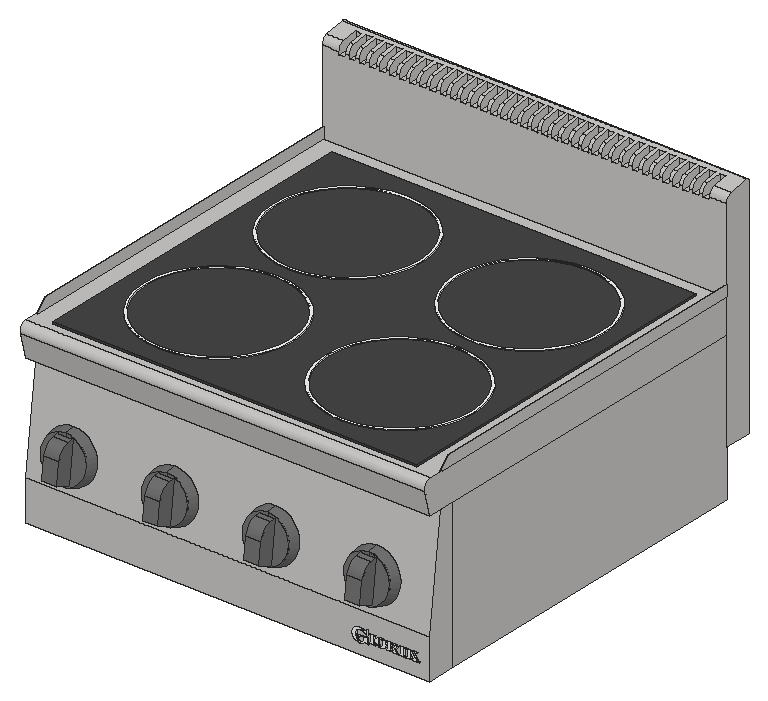
Revit family "QF_GIORIK_LPV6743", category Specialty Equipment, Revit 2014
Parameters (values of type "LPV6743")
  Weight in Pounds = 46.297
  Watts = 8000 W
  Volts = 400 V
  URL Cutsheet = "www.giorik.com"
  URL = "www.giorik.com"
  Status [instance] = ""
  Specification by User [instance] = ""
  Specification by Manufacturer = ""
  Show Logo [instance] = yes
  Show Clearance [instance] = yes
  Serial Number = ""
  Seismic Rating = ""
  SMACNA No = ""
  Revision Code [instance] = ""
  Phase = 3
  Number of Poles [instance] = 3
  NAFEM Spec ID Number = ""
  Model = "LPV6743"
  Min Ckt Ampacity = 0 A
  Max Overcurrent Protection = 0 A
  Masterspec = ""
  Manufacturer = "GIORIK"
  Item Number [instance] = ""
  Installed By [instance] = ""
  Identify Quantity as Lot [instance] = no
  HP = "10.728160000000"
  Furnished By [instance] = ""
  Foodservice Equipment Identifier [instance] = yes
  FL Amps = 0 A
  Electrical Remarks [instance] = ""
  Electric Connection Type [instance] = ""
  Elec Conn RI Height [instance] = 0 mm
  Elec Conn Connection Height [instance] = 45 mm
  Description = "VITROCERAMIC COOKING TOP 4 PLATES (380V)"
  Cycle = 50 Hz
  Conn Plug = ""
  CSI MasterFormat = ""
  Assembly Code = "E1090320"
  Apparent Power = 8000 VA
Reference planes
  plane 1 "Back": y = 0
  plane 2: z = 0
  plane 3 "Left": x = 0
  plane 4 "Right": x = 600
  plane 5 "Front": y = -600
  plane 6 "Top": z = 430
Forms (mm)
  Extrusion 1, solid
    sketch origin (0, 1000, -580) x (0, 1, 0) y (0, 0, 1)
      loop
        line (-1040.007, 869.975) -> (-1589.445, 869.975)
        arc (-1589.445, 869.975) -> (-1598.171, 865.672) -> (-1600.069, 856.13) r 10.999
        line (-1600.069, 856.13) -> (-1590.388, 820) -> (-1040.007, 820) -> (-1040.007, 869.975)
    from 0 to 600
  Extrusion 2, solid
    sketch origin (0, 0, -560) x (0, 1, 0) y (0, 0, 1)
      loop
        line (-570.06, 849.975) -> (-40.007, 849.975) -> (-40.007, 865.387) -> (-554.648, 865.387) -> (-570.06, 849.975)
    from 0 to 1.85
  Extrusion 3, solid
    sketch origin (0, 0, -560) x (0, 1, 0) y (0, 0, 1)
      loop
        line (-40.007, 800) -> (-550, 800) -> (-550, 580) -> (-40.007, 580) -> (-40.007, 800)
    from 0 to 600
  Extrusion 4, solid
    sketch origin (0, 0, -560) x (0, 1, 0) y (0, 0, 1)
      loop
        line (-550, 800) -> (-570.5, 800) -> (-590, 640) -> (-590, 580) -> (-550, 580) -> (-550, 800)
    from 0 to 600
  Revolve 5, solid
    sketch origin (75.155, -0.544, -560.03) x (0, 1, 0) y (0, 0, 1)
      loop
        line (-598.03, 706.389) -> (-594.27, 737.013) -> (-609.648, 734.852) -> (-613.772, 701.269) -> (-581.482, 697.305) -> (-580.629, 704.252) -> (-598.03, 706.389)
      axis (-581.482, 697.305) -> (-613.772, 701.269)
    angle from 0 to 360
  Extrusion 6, solid
    sketch origin (598.094, 0, -560) x (0, 1, 0) y (0, 0, 1)
      loop
        line (-570.06, 849.975) -> (-40.007, 849.975) -> (-40.007, 865.387) -> (-554.648, 865.387) -> (-570.06, 849.975)
    from -0.15 to 1.906
  Extrusion 7, solid
    sketch origin (0, 0, -560) x (0, 1, 0) y (0, 0, 1)
      loop
        line (-40.007, 974.217) -> (-40.007, 650.827) -> (0, 650.827) -> (0, 988.42)
        arc (0, 988.42) -> (-0.57, 989.648) -> (-1.878, 990) r 1.6
        line (-1.878, 990) -> (-31.072, 984.852)
        arc (-31.072, 984.852) -> (-37.477, 981.162) -> (-40.007, 974.217) r 10.797
    from 0 to 600
  Extrusion 8, solid
    sketch origin (-87.831, -0.544, -560.03) x (0, 1, 0) y (0, 0, 1)
      loop
        line (-635.843, 711.553) -> (-639.647, 680.575) -> (-617.415, 671.593) -> (-610.135, 730.882) -> (-617.934, 729.786)
        arc (-617.934, 729.786) -> (-629.982, 723.708) -> (-635.843, 711.553) r 20.998
    from 151.831 to 173.831
  Revolve 9, solid
    sketch origin (225.155, -0.544, -560.03) x (0, 1, 0) y (0, 0, 1)
      loop
        line (-598.03, 706.389) -> (-594.27, 737.013) -> (-609.648, 734.852) -> (-613.772, 701.269) -> (-581.482, 697.305) -> (-580.629, 704.252) -> (-598.03, 706.389)
      axis (-581.482, 697.305) -> (-613.772, 701.269)
    angle from 0 to 360
  Extrusion 10, solid
    sketch origin (62.169, -0.544, -560.03) x (0, 1, 0) y (0, 0, 1)
      loop
        line (-635.843, 711.553) -> (-639.647, 680.575) -> (-617.415, 671.593) -> (-610.135, 730.882) -> (-617.934, 729.786)
        arc (-617.934, 729.786) -> (-629.982, 723.708) -> (-635.843, 711.553) r 20.998
    from 151.831 to 173.831
  Revolve 11, solid
    sketch origin (375.155, -0.544, -560.03) x (0, 1, 0) y (0, 0, 1)
      loop
        line (-598.03, 706.389) -> (-594.27, 737.013) -> (-609.648, 734.852) -> (-613.772, 701.269) -> (-581.482, 697.305) -> (-580.629, 704.252) -> (-598.03, 706.389)
      axis (-581.482, 697.305) -> (-613.772, 701.269)
    angle from 0 to 360
  Extrusion 12, solid
    sketch origin (212.169, -0.544, -560.03) x (0, 1, 0) y (0, 0, 1)
      loop
        line (-635.843, 711.553) -> (-639.647, 680.575) -> (-617.415, 671.593) -> (-610.135, 730.882) -> (-617.934, 729.786)
        arc (-617.934, 729.786) -> (-629.982, 723.708) -> (-635.843, 711.553) r 20.998
    from 151.831 to 173.831
  Revolve 13, solid
    sketch origin (525.155, -0.544, -560.03) x (0, 1, 0) y (0, 0, 1)
      loop
        line (-598.03, 706.389) -> (-594.27, 737.013) -> (-609.648, 734.852) -> (-613.772, 701.269) -> (-581.482, 697.305) -> (-580.629, 704.252) -> (-598.03, 706.389)
      axis (-581.482, 697.305) -> (-613.772, 701.269)
    angle from 0 to 360
  Extrusion 14, solid
    sketch origin (362.169, -0.544, -560.03) x (0, 1, 0) y (0, 0, 1)
      loop
        line (-635.843, 711.553) -> (-639.647, 680.575) -> (-617.415, 671.593) -> (-610.135, 730.882) -> (-617.934, 729.786)
        arc (-617.934, 729.786) -> (-629.982, 723.708) -> (-635.843, 711.553) r 20.998
    from 151.831 to 173.831
  Extrusion 15, solid
    sketch origin (103.819, 0, -561) x (1, 0, 0) y (0, 0, 1)
      loop
        circle (-38.319, 606) r 12.5
    from 20.007 to 40.007
  Extrusion 16, solid, visible <- "Show Logo"
    sketch origin (391.604, -590.5, -6.113) x (-1, 0, 0) y (0, 0, 1)
      loop
        line (-118.824, 58.358) -> (-127.804, 58.358) -> (-125.523, 56.445) -> (-125.523, 48.027) -> (-127.804, 46.113) -> (-118.824, 46.113) -> (-121.105, 48.027) -> (-121.105, 56.445) -> (-118.824, 58.358)
      loop
        line (-163.721, 58.358) -> (-172.7, 58.358) -> (-170.42, 56.445) -> (-170.42, 48.027) -> (-172.7, 46.113) -> (-163.721, 46.113) -> (-166.001, 48.027) -> (-166.001, 56.445) -> (-163.721, 58.358)
      loop
        line (-174.332, 58.358) -> (-183.312, 58.358) -> (-181.031, 56.445) -> (-181.031, 52.435) -> (-186.419, 56.955) -> (-184.416, 58.358) -> (-191.268, 58.358) -> (-188.01, 56.839) -> (-185.455, 54.283) -> (-190.846, 47.858) -> (-193.396, 46.93) -> (-193.396, 46.113) -> (-184.416, 46.113) -> (-185.437, 47.571) -> (-182.443, 51.552) -> (-181.031, 50.894) -> (-181.031, 48.027) -> (-183.312, 46.113) -> (-174.332, 46.113) -> (-176.613, 48.027) -> (-176.613, 56.445) -> (-174.332, 58.358)
      loop
        line (-115.429, 62.063) -> (-115.429, 54.198)
        arc (-115.429, 54.198) -> (-111.618, 57.803) -> (-106.847, 59.986) r 16.039
        arc (-106.847, 59.986) -> (-103.314, 59.837) -> (-100.512, 57.68) r 5.851
        arc (-100.512, 57.68) -> (-98.815, 52.267) -> (-100.512, 46.853) r 9.479
        arc (-100.512, 46.853) -> (-102.406, 44.986) -> (-104.846, 43.93) r 7.236
        arc (-104.846, 43.93) -> (-107.728, 44.111) -> (-110.052, 45.825) r 5.11
        line (-110.052, 45.825) -> (-110.052, 52.001) -> (-116.141, 52.001) -> (-116.141, 45.503) -> (-117.893, 43.751) -> (-114.094, 44.769)
        arc (-114.094, 44.769) -> (-112.56, 44.947) -> (-111.129, 44.366) r 3.115
        arc (-111.129, 44.366) -> (-104.216, 42.091) -> (-97.303, 44.366) r 11.641
        arc (-97.303, 44.366) -> (-93.396, 52.107) -> (-97.303, 59.849) r 9.622
        arc (-97.303, 59.849) -> (-104.369, 62.174) -> (-111.435, 59.849) r 11.898
        line (-111.435, 59.849) -> (-115.429, 62.063)
      loop
        arc (-129.234, 56.068) -> (-135.893, 58.628) -> (-142.552, 56.068) r 9.941
        arc (-142.552, 56.068) -> (-144.234, 52.286) -> (-142.552, 48.505) r 5.093
        arc (-142.552, 48.505) -> (-135.893, 45.945) -> (-129.234, 48.505) r 9.941
        arc (-129.234, 48.505) -> (-127.552, 52.286) -> (-129.234, 56.068) r 5.093
      loop
        arc (-132.628, 54.403) -> (-135.893, 57.668) -> (-139.158, 54.403) r 3.265
        line (-139.158, 54.403) -> (-139.158, 50.169)
        arc (-139.158, 50.169) -> (-135.893, 46.904) -> (-132.628, 50.169) r 3.265
        line (-132.628, 50.169) -> (-132.628, 54.403)
      loop
        arc (-156.363, 58.365) -> (-159.647, 55.081) -> (-156.363, 51.796) r 3.285
        line (-156.363, 51.796) -> (-159.529, 47.306) -> (-162.087, 46.113) -> (-155.847, 46.113) -> (-153.529, 51.083) -> (-150.637, 51.083) -> (-150.637, 47.784) -> (-153.022, 46.113) -> (-144.011, 46.113) -> (-146.094, 47.68) -> (-146.094, 56.493) -> (-144.229, 58.365) -> (-156.363, 58.365)
      loop
        line (-150.637, 57.512) -> (-153.637, 57.512)
        arc (-153.637, 57.512) -> (-156.237, 54.912) -> (-153.637, 52.312) r 2.6
        line (-153.637, 52.312) -> (-150.637, 52.312) -> (-150.637, 57.512)
      loop
        line (-108.924, 52.001) -> (-104.936, 49.005) -> (-100.948, 52.001) -> (-108.924, 52.001)
    from 1.5 to -0.5
  Extrusion 17, void
    sketch origin (10, 0, 430) x (0, 1, 0) y (-1, 0, 0)
      loop
        line (-40.007, -25) -> (-9.931, -25) -> (-9.931, -15) -> (-40.007, -15) -> (-40.007, -25)
      loop
        line (-40.007, -40) -> (-9.931, -40) -> (-9.931, -30) -> (-40.007, -30) -> (-40.007, -40)
      loop
        line (-40.007, -55) -> (-9.931, -55) -> (-9.931, -45) -> (-40.007, -45) -> (-40.007, -55)
      loop
        line (-40.007, -70) -> (-9.931, -70) -> (-9.931, -60) -> (-40.007, -60) -> (-40.007, -70)
      loop
        line (-40.007, -85) -> (-9.931, -85) -> (-9.931, -75) -> (-40.007, -75) -> (-40.007, -85)
      loop
        line (-40.007, -100) -> (-9.931, -100) -> (-9.931, -90) -> (-40.007, -90) -> (-40.007, -100)
      loop
        line (-40.007, -115) -> (-9.931, -115) -> (-9.931, -105) -> (-40.007, -105) -> (-40.007, -115)
      loop
        line (-40.007, -130) -> (-9.931, -130) -> (-9.931, -120) -> (-40.007, -120) -> (-40.007, -130)
      loop
        line (-40.007, -145) -> (-9.931, -145) -> (-9.931, -135) -> (-40.007, -135) -> (-40.007, -145)
      loop
        line (-40.007, -160) -> (-9.931, -160) -> (-9.931, -150) -> (-40.007, -150) -> (-40.007, -160)
      loop
        line (-40.007, -175) -> (-9.931, -175) -> (-9.931, -165) -> (-40.007, -165) -> (-40.007, -175)
      loop
        line (-40.007, -190) -> (-9.931, -190) -> (-9.931, -180) -> (-40.007, -180) -> (-40.007, -190)
      loop
        line (-40.007, -205) -> (-9.931, -205) -> (-9.931, -195) -> (-40.007, -195) -> (-40.007, -205)
      loop
        line (-40.007, -220) -> (-9.931, -220) -> (-9.931, -210) -> (-40.007, -210) -> (-40.007, -220)
      loop
        line (-40.007, -235) -> (-9.931, -235) -> (-9.931, -225) -> (-40.007, -225) -> (-40.007, -235)
      loop
        line (-40.007, -250) -> (-9.931, -250) -> (-9.931, -240) -> (-40.007, -240) -> (-40.007, -250)
      loop
        line (-40.007, -265) -> (-9.931, -265) -> (-9.931, -255) -> (-40.007, -255) -> (-40.007, -265)
      loop
        line (-40.007, -280) -> (-9.931, -280) -> (-9.931, -270) -> (-40.007, -270) -> (-40.007, -280)
      loop
        line (-40.007, -295) -> (-9.931, -295) -> (-9.931, -285) -> (-40.007, -285) -> (-40.007, -295)
      loop
        line (-40.007, -310) -> (-9.931, -310) -> (-9.931, -300) -> (-40.007, -300) -> (-40.007, -310)
      loop
        line (-40.007, -325) -> (-9.931, -325) -> (-9.931, -315) -> (-40.007, -315) -> (-40.007, -325)
      loop
        line (-40.007, -340) -> (-9.931, -340) -> (-9.931, -330) -> (-40.007, -330) -> (-40.007, -340)
      loop
        line (-40.007, -355) -> (-9.931, -355) -> (-9.931, -345) -> (-40.007, -345) -> (-40.007, -355)
      loop
        line (-40.007, -370) -> (-9.931, -370) -> (-9.931, -360) -> (-40.007, -360) -> (-40.007, -370)
      loop
        line (-40.007, -385) -> (-9.931, -385) -> (-9.931, -375) -> (-40.007, -375) -> (-40.007, -385)
      loop
        line (-40.007, -400) -> (-9.931, -400) -> (-9.931, -390) -> (-40.007, -390) -> (-40.007, -400)
      loop
        line (-40.007, -415) -> (-9.931, -415) -> (-9.931, -405) -> (-40.007, -405) -> (-40.007, -415)
      loop
        line (-40.007, -430) -> (-9.931, -430) -> (-9.931, -420) -> (-40.007, -420) -> (-40.007, -430)
      loop
        line (-40.007, -445) -> (-9.931, -445) -> (-9.931, -435) -> (-40.007, -435) -> (-40.007, -445)
      loop
        line (-40.007, -460) -> (-9.931, -460) -> (-9.931, -450) -> (-40.007, -450) -> (-40.007, -460)
      loop
        line (-40.007, -475) -> (-9.931, -475) -> (-9.931, -465) -> (-40.007, -465) -> (-40.007, -475)
      loop
        line (-40.007, -490) -> (-9.931, -490) -> (-9.931, -480) -> (-40.007, -480) -> (-40.007, -490)
      loop
        line (-40.007, -505) -> (-9.931, -505) -> (-9.931, -495) -> (-40.007, -495) -> (-40.007, -505)
      loop
        line (-40.007, -520) -> (-9.931, -520) -> (-9.931, -510) -> (-40.007, -510) -> (-40.007, -520)
      loop
        line (-40.007, -535) -> (-9.931, -535) -> (-9.931, -525) -> (-40.007, -525) -> (-40.007, -535)
      loop
        line (-40.007, -550) -> (-9.931, -550) -> (-9.931, -540) -> (-40.007, -540) -> (-40.007, -550)
      loop
        line (-40.007, -565) -> (-9.931, -565) -> (-9.931, -555) -> (-40.007, -555) -> (-40.007, -565)
    from 0 to -20
  Extrusion 18, solid
    sketch origin (566.603, 15.293, -30) x (0, 1, 0) y (-1, 0, 0)
      loop
        circle (-79.293, 516.603) r 5
    from 41.965 to 50
  Revolve 19, solid
    sketch origin (50, 19.943, -600) x (0, 1, 0) y (0, 0, 1)
      loop
        line (-83.943, 611.965) -> (-94.752, 611.965) -> (-97.943, 600) -> (-83.943, 600) -> (-83.943, 611.965)
      axis (-83.943, 611.965) -> (-83.943, 600)
    angle from 0 to 360
  Extrusion 20, solid
    sketch origin (33.397, 15.293, -30) x (0, 1, 0) y (-1, 0, 0)
      loop
        circle (-79.293, -516.603) r 5
    from 41.965 to 50
  Revolve 21, solid
    sketch origin (550, 19.943, -600) x (0, 1, 0) y (0, 0, -1)
      loop
        line (-83.943, -611.965) -> (-83.943, -600) -> (-97.943, -600) -> (-94.752, -611.965) -> (-83.943, -611.965)
      axis (-83.943, -611.965) -> (-83.943, -600)
    angle from 0 to 360
  Extrusion 22, solid
    sketch origin (566.603, -459.707, -30) x (0, 1, 0) y (-1, 0, 0)
      loop
        circle (-79.293, 516.603) r 5
    from 41.965 to 50
  Revolve 23, solid
    sketch origin (50, -455.057, -600) x (0, 1, 0) y (0, 0, 1)
      loop
        line (-83.943, 611.965) -> (-94.752, 611.965) -> (-97.943, 600) -> (-83.943, 600) -> (-83.943, 611.965)
      axis (-83.943, 611.965) -> (-83.943, 600)
    angle from 0 to 360
  Extrusion 24, solid
    sketch origin (33.397, -459.707, -30) x (0, 1, 0) y (-1, 0, 0)
      loop
        circle (-79.293, -516.603) r 5
    from 41.965 to 50
  Revolve 25, solid
    sketch origin (550, -455.057, -600) x (0, 1, 0) y (0, 0, -1)
      loop
        line (-83.943, -611.965) -> (-83.943, -600) -> (-97.943, -600) -> (-94.752, -611.965) -> (-83.943, -611.965)
      axis (-83.943, -611.965) -> (-83.943, -600)
    angle from 0 to 360
  Extrusion 26, solid
    sketch origin (-49.535, 28.362, 241.975) x (0, 1, 0) y (-1, 0, 0)
      loop
        line (-606, -79.535) -> (-606, -619.535) -> (-89, -619.535) -> (-89, -79.535) -> (-606, -79.535)
    from 48 to 50
  Extrusion 27, solid
    sketch origin (-24.985, -670.638, 269.463) x (0, -1, 0) y (1, 0, 0)
      loop
        circle (-231.5, 189.999) r 110
      loop
        circle (-231.5, 189.999) r 106.5
    from 23 to 20.512
  Extrusion 28, solid
    sketch origin (-24.985, -430.638, 269.463) x (0, -1, 0) y (1, 0, 0)
      loop
        circle (-231.5, 189.999) r 110
      loop
        circle (-231.5, 189.999) r 106.5
    from 23 to 20.512
  Extrusion 29, solid
    sketch origin (245.051, -671.503, 269.463) x (0, -1, 0) y (1, 0, 0)
      loop
        circle (-231.5, 189.999) r 110
      loop
        circle (-231.5, 189.999) r 106.5
    from 23 to 20.512
  Extrusion 30, solid
    sketch origin (245.051, -431.503, 269.463) x (0, -1, 0) y (1, 0, 0)
      loop
        circle (-231.5, 189.999) r 110
      loop
        circle (-231.5, 189.999) r 106.5
    from 23 to 20.512
Cuts and joins
  Extrusion 17 cuts Extrusion 7
Lines and regions (mm)
  symbolic lines, style "200-EquipBorder-2D"
    curve 1: line (600, 0, 0) -> (0, 0, 0)
    curve 2: line (0, 0, 0) -> (0, -600, 0)
    curve 119: line (600, -600, 430) -> (600, 0, 430)
    curve 132: line (600, -600, 430) -> (0, -600, 430)
    curve 133: spline (64, -618.202, 990) -> (60.789, -618.041, 990) -> (57.73, -617.841, 990) -> (54.856, -617.604, 990) -> (52.196, -617.332, 990) -> (49.779, -617.028, 990) -> (47.63, -616.696, 990) -> (45.772, -616.338, 990) -> (44.225, -615.96, 990) -> (43.004, -615.563, 990) -> (42.122, -615.154, 990) -> (41.59, -614.736, 990) -> (41.412, -614.313, 990)
    curve 134: spline (109.073, -614.408, 990) -> (108.819, -614.826, 990) -> (108.218, -615.239, 990) -> (107.275, -615.643, 990) -> (106.001, -616.033, 990) -> (104.408, -616.405, 990) -> (102.513, -616.755, 990) -> (100.336, -617.08, 990) -> (97.898, -617.376, 990) -> (95.227, -617.641, 990) -> (92.348, -617.871, 990) -> (89.293, -618.065, 990) -> (86.091, -618.219, 990)
    curve 135: line (41.412, -614.313, 990) -> (37.459, -600, 990)
    curve 136: line (109.073, -614.408, 990) -> (112.839, -600, 990)
    curve 137: line (64, -640.19, 430) -> (64, -610.679, 430)
    curve 138: line (64, -640.19, 430) -> (86, -640.19, 430)
    curve 139: line (86, -640.19, 430) -> (86, -610.679, 430)
    curve 140: spline (41.412, -614.313, 430) -> (42.564, -613.264, 430) -> (45.941, -612.286, 430) -> (51.314, -611.446, 430) -> (58.316, -610.802, 430) -> (66.47, -610.396, 430) -> (75.22, -610.258, 430) -> (83.97, -610.396, 430) -> (92.124, -610.802, 430) -> (99.126, -611.446, 430) -> (104.499, -612.286, 430) -> (107.877, -613.264, 430) -> (109.029, -614.313, 430)
    curve 141: line (64, -610.679, 430) -> (86, -610.679, 430)
    curve 142: spline (214, -618.202, 990) -> (210.789, -618.041, 990) -> (207.73, -617.841, 990) -> (204.856, -617.604, 990) -> (202.196, -617.332, 990) -> (199.779, -617.028, 990) -> (197.63, -616.696, 990) -> (195.772, -616.338, 990) -> (194.225, -615.96, 990) -> (193.004, -615.563, 990) -> (192.122, -615.154, 990) -> (191.59, -614.736, 990) -> (191.412, -614.313, 990)
    curve 143: spline (259.073, -614.408, 990) -> (258.819, -614.826, 990) -> (258.218, -615.239, 990) -> (257.275, -615.643, 990) -> (256.001, -616.033, 990) -> (254.408, -616.405, 990) -> (252.513, -616.755, 990) -> (250.336, -617.08, 990) -> (247.898, -617.376, 990) -> (245.227, -617.641, 990) -> (242.348, -617.871, 990) -> (239.293, -618.065, 990) -> (236.091, -618.219, 990)
    curve 144: line (191.412, -614.313, 990) -> (187.459, -600, 990)
    curve 145: line (259.073, -614.408, 990) -> (262.839, -600, 990)
    curve 146: line (214, -640.19, 430) -> (214, -610.679, 430)
    curve 147: line (214, -640.19, 430) -> (236, -640.19, 430)
    curve 148: line (236, -640.19, 430) -> (236, -610.679, 430)
    curve 149: spline (191.412, -614.313, 430) -> (192.564, -613.264, 430) -> (195.941, -612.286, 430) -> (201.314, -611.446, 430) -> (208.316, -610.802, 430) -> (216.47, -610.396, 430) -> (225.22, -610.258, 430) -> (233.97, -610.396, 430) -> (242.124, -610.802, 430) -> (249.126, -611.446, 430) -> (254.499, -612.286, 430) -> (257.877, -613.264, 430) -> (259.029, -614.313, 430)
    curve 150: line (214, -610.679, 430) -> (236, -610.679, 430)
    curve 151: spline (364, -618.202, 990) -> (360.789, -618.041, 990) -> (357.73, -617.841, 990) -> (354.856, -617.604, 990) -> (352.196, -617.332, 990) -> (349.779, -617.028, 990) -> (347.63, -616.696, 990) -> (345.772, -616.338, 990) -> (344.225, -615.96, 990) -> (343.004, -615.563, 990) -> (342.122, -615.154, 990) -> (341.59, -614.736, 990) -> (341.412, -614.313, 990)
    curve 152: spline (409.073, -614.408, 990) -> (408.819, -614.826, 990) -> (408.218, -615.239, 990) -> (407.275, -615.643, 990) -> (406.001, -616.033, 990) -> (404.408, -616.405, 990) -> (402.513, -616.755, 990) -> (400.336, -617.08, 990) -> (397.898, -617.376, 990) -> (395.227, -617.641, 990) -> (392.348, -617.871, 990) -> (389.293, -618.065, 990) -> (386.091, -618.219, 990)
    curve 153: line (341.412, -614.313, 990) -> (337.459, -600, 990)
    curve 154: line (409.073, -614.408, 990) -> (412.839, -600, 990)
    curve 155: line (364, -640.19, 430) -> (364, -610.679, 430)
    curve 156: line (364, -640.19, 430) -> (386, -640.19, 430)
    curve 157: line (386, -640.19, 430) -> (386, -610.679, 430)
    curve 158: spline (341.412, -614.313, 430) -> (342.564, -613.264, 430) -> (345.941, -612.286, 430) -> (351.314, -611.446, 430) -> (358.316, -610.802, 430) -> (366.47, -610.396, 430) -> (375.22, -610.258, 430) -> (383.97, -610.396, 430) -> (392.124, -610.802, 430) -> (399.126, -611.446, 430) -> (404.499, -612.286, 430) -> (407.877, -613.264, 430) -> (409.029, -614.313, 430)
    curve 159: line (364, -610.679, 430) -> (386, -610.679, 430)
    curve 160: spline (514, -618.202, 990) -> (510.789, -618.041, 990) -> (507.73, -617.841, 990) -> (504.856, -617.604, 990) -> (502.196, -617.332, 990) -> (499.779, -617.028, 990) -> (497.63, -616.696, 990) -> (495.772, -616.338, 990) -> (494.225, -615.96, 990) -> (493.004, -615.563, 990) -> (492.122, -615.154, 990) -> (491.59, -614.736, 990) -> (491.412, -614.313, 990)
    curve 161: spline (559.073, -614.408, 990) -> (558.819, -614.826, 990) -> (558.218, -615.239, 990) -> (557.275, -615.643, 990) -> (556.001, -616.033, 990) -> (554.408, -616.405, 990) -> (552.513, -616.755, 990) -> (550.336, -617.08, 990) -> (547.898, -617.376, 990) -> (545.227, -617.641, 990) -> (542.348, -617.871, 990) -> (539.293, -618.065, 990) -> (536.091, -618.219, 990)
    curve 162: line (491.412, -614.313, 990) -> (487.459, -600, 990)
    curve 163: line (559.073, -614.408, 990) -> (562.839, -600, 990)
    curve 164: line (514, -640.19, 430) -> (514, -610.679, 430)
    curve 165: line (514, -640.19, 430) -> (536, -640.19, 430)
    curve 166: line (536, -640.19, 430) -> (536, -610.679, 430)
    curve 167: spline (491.412, -614.313, 430) -> (492.564, -613.264, 430) -> (495.941, -612.286, 430) -> (501.314, -611.446, 430) -> (508.316, -610.802, 430) -> (516.47, -610.396, 430) -> (525.22, -610.258, 430) -> (533.97, -610.396, 430) -> (542.124, -610.802, 430) -> (549.126, -611.446, 430) -> (554.499, -612.286, 430) -> (557.877, -613.264, 430) -> (559.029, -614.313, 430)
    curve 168: line (514, -610.679, 430) -> (536, -610.679, 430)
  symbolic lines, style "200-EquipInternal-2D"
    curve 3: line (600, -40.007, 430) -> (0, -40.007, 430)
    curve 4: line (597.944, -570.06, 430) -> (600, -570.06, 430)
    curve 5: line (597.944, -40.007, 430) -> (597.944, -570.06, 430)
    curve 6: line (0, -570.06, 430) -> (1.85, -570.06, 430)
    curve 7: line (1.85, -570.06, 430) -> (1.85, -40.007, 430)
    curve 8: line (25, -9.931, 290) -> (25, -40.007, 290)
    curve 9: line (35, -40.007, 290) -> (35, -9.931, 290)
    curve 10: line (40, -9.931, 290) -> (40, -40.007, 290)
    curve 11: line (50, -40.007, 290) -> (50, -9.931, 290)
    curve 12: line (55, -9.931, 290) -> (55, -40.007, 290)
    curve 13: line (65, -40.007, 290) -> (65, -9.931, 290)
    curve 14: line (85, -9.931, 290) -> (85, -40.007, 290)
    curve 15: line (95, -40.007, 290) -> (95, -9.931, 290)
    curve 16: line (100, -9.931, 290) -> (100, -40.007, 290)
    curve 17: line (110, -40.007, 290) -> (110, -9.931, 290)
    curve 18: line (140, -40.007, 290) -> (140, -9.931, 290)
    curve 19: line (130, -9.931, 290) -> (130, -40.007, 290)
    curve 20: line (155, -40.007, 290) -> (155, -9.931, 290)
    curve 21: line (160, -9.931, 290) -> (160, -40.007, 290)
    curve 22: line (170, -40.007, 290) -> (170, -9.931, 290)
    curve 23: line (145, -9.931, 290) -> (145, -40.007, 290)
    curve 24: line (200, -40.007, 290) -> (200, -9.931, 290)
    curve 25: line (190, -9.931, 290) -> (190, -40.007, 290)
    curve 26: line (205, -9.931, 290) -> (205, -40.007, 290)
    curve 27: line (215, -40.007, 290) -> (215, -9.931, 290)
    curve 28: line (220, -9.931, 290) -> (220, -40.007, 290)
    curve 29: line (230, -40.007, 290) -> (230, -9.931, 290)
    curve 30: line (250, -9.931, 290) -> (250, -40.007, 290)
    curve 31: line (260, -40.007, 290) -> (260, -9.931, 290)
    curve 32: line (265, -9.931, 290) -> (265, -40.007, 290)
    curve 33: line (275, -40.007, 290) -> (275, -9.931, 290)
    curve 34: line (280, -9.931, 290) -> (280, -40.007, 290)
    curve 35: line (290, -40.007, 290) -> (290, -9.931, 290)
    curve 36: line (320, -40.007, 290) -> (320, -9.931, 290)
    curve 37: line (310, -9.931, 290) -> (310, -40.007, 290)
    curve 38: line (335, -40.007, 290) -> (335, -9.931, 290)
    curve 39: line (325, -9.931, 290) -> (325, -40.007, 290)
    curve 40: line (340, -9.931, 290) -> (340, -40.007, 290)
    curve 41: line (350, -40.007, 290) -> (350, -9.931, 290)
    curve 42: line (370, -9.931, 290) -> (370, -40.007, 290)
    curve 43: line (380, -40.007, 290) -> (380, -9.931, 290)
    curve 44: line (385, -9.931, 290) -> (385, -40.007, 290)
    curve 45: line (395, -9.931, 290) -> (385, -9.931, 290)
    curve 46: line (380, -9.931, 290) -> (370, -9.931, 290)
    curve 47: line (350, -9.931, 290) -> (340, -9.931, 290)
    curve 48: line (335, -9.931, 290) -> (325, -9.931, 290)
    curve 49: line (320, -9.931, 290) -> (310, -9.931, 290)
    curve 50: line (275, -9.931, 290) -> (265, -9.931, 290)
    curve 51: line (110, -9.931, 290) -> (100, -9.931, 290)
    curve 52: line (95, -9.931, 290) -> (85, -9.931, 290)
    curve 53: line (65, -9.931, 290) -> (55, -9.931, 290)
    curve 54: line (35, -9.931, 290) -> (25, -9.931, 290)
    curve 55: line (140, -9.931, 290) -> (130, -9.931, 290)
    curve 56: line (155, -9.931, 290) -> (145, -9.931, 290)
    curve 57: line (170, -9.931, 290) -> (160, -9.931, 290)
    curve 58: line (200, -9.931, 290) -> (190, -9.931, 290)
    curve 59: line (215, -9.931, 290) -> (205, -9.931, 290)
    curve 60: line (230, -9.931, 290) -> (220, -9.931, 290)
    curve 61: line (260, -9.931, 290) -> (250, -9.931, 290)
    curve 62: line (50, -9.931, 290) -> (40, -9.931, 290)
    curve 63: line (70, -9.931, 430) -> (70, -40.007, 430)
    curve 64: line (80, -40.007, 430) -> (80, -9.931, 430)
    curve 65: line (80, -9.931, 430) -> (70, -9.931, 430)
    curve 66: line (115, -9.931, 430) -> (115, -40.007, 430)
    curve 67: line (125, -40.007, 430) -> (125, -9.931, 430)
    curve 68: line (125, -9.931, 430) -> (115, -9.931, 430)
    curve 69: line (175, -9.931, 430) -> (175, -40.007, 430)
    curve 70: line (185, -40.007, 430) -> (185, -9.931, 430)
    curve 71: line (185, -9.931, 430) -> (175, -9.931, 430)
    curve 72: line (235, -9.931, 430) -> (235, -40.007, 430)
    curve 73: line (245, -40.007, 430) -> (245, -9.931, 430)
    curve 74: line (245, -9.931, 430) -> (235, -9.931, 430)
    curve 75: line (290, -9.931, 430) -> (280, -9.931, 430)
    curve 76: line (305, -9.931, 430) -> (295, -9.931, 430)
    curve 77: line (295, -9.931, 430) -> (295, -40.007, 430)
    curve 78: line (305, -40.007, 430) -> (305, -9.931, 430)
    curve 79: line (355, -9.931, 430) -> (355, -40.007, 430)
    curve 80: line (365, -40.007, 430) -> (365, -9.931, 430)
    curve 81: line (365, -9.931, 430) -> (355, -9.931, 430)
    curve 82: line (395, -40.007, 430) -> (395, -9.931, 430)
    curve 83: line (400, -9.931, 430) -> (400, -40.007, 430)
    curve 84: line (410, -40.007, 430) -> (410, -9.931, 430)
    curve 85: line (410, -9.931, 430) -> (400, -9.931, 430)
    curve 86: line (425, -9.931, 430) -> (415, -9.931, 430)
    curve 87: line (415, -9.931, 430) -> (415, -40.007, 430)
    curve 88: line (425, -40.007, 430) -> (425, -9.931, 430)
    curve 89: line (430, -9.931, 430) -> (430, -40.007, 430)
    curve 90: line (440, -40.007, 430) -> (440, -9.931, 430)
    curve 91: line (440, -9.931, 430) -> (430, -9.931, 430)
    curve 92: line (445, -9.931, 430) -> (445, -40.007, 430)
    curve 93: line (455, -40.007, 430) -> (455, -9.931, 430)
    curve 94: line (460, -9.931, 430) -> (460, -40.007, 430)
    curve 95: line (470, -40.007, 430) -> (470, -9.931, 430)
    curve 96: line (475, -9.931, 430) -> (475, -40.007, 430)
    curve 97: line (485, -40.007, 430) -> (485, -9.931, 430)
    curve 98: line (490, -9.931, 430) -> (490, -40.007, 430)
    curve 99: line (500, -40.007, 430) -> (500, -9.931, 430)
    curve 100: line (505, -9.931, 430) -> (505, -40.007, 430)
    curve 101: line (515, -40.007, 430) -> (515, -9.931, 430)
    curve 102: line (520, -9.931, 430) -> (520, -40.007, 430)
    curve 103: line (530, -40.007, 430) -> (530, -9.931, 430)
    curve 104: line (535, -9.931, 430) -> (535, -40.007, 430)
    curve 105: line (545, -40.007, 430) -> (545, -9.931, 430)
    curve 106: line (550, -9.931, 430) -> (550, -40.007, 430)
    curve 107: line (560, -40.007, 430) -> (560, -9.931, 430)
    curve 108: line (565, -9.931, 430) -> (565, -40.007, 430)
    curve 109: line (455, -9.931, 430) -> (445, -9.931, 430)
    curve 110: line (470, -9.931, 430) -> (460, -9.931, 430)
    curve 111: line (485, -9.931, 430) -> (475, -9.931, 430)
    curve 112: line (500, -9.931, 430) -> (490, -9.931, 430)
    curve 113: line (515, -9.931, 430) -> (505, -9.931, 430)
    curve 114: line (530, -9.931, 430) -> (520, -9.931, 430)
    curve 115: line (545, -9.931, 430) -> (535, -9.931, 430)
    curve 116: line (560, -9.931, 430) -> (550, -9.931, 430)
    curve 117: line (575, -9.931, 430) -> (565, -9.931, 430)
    curve 118: line (575, -40.007, 430) -> (575, -9.931, 430)
    curve 120: circle (165.014, -199.138, 290) r 106.5 normal (0, 0, 1)
    curve 121: circle (165.014, -199.138, 290) r 110 normal (0, 0, 1)
    curve 122: circle (165.014, -439.138, 290) r 106.5 normal (0, 0, 1)
    curve 123: circle (165.014, -439.138, 290) r 110 normal (0, 0, 1)
    curve 124: circle (435.05, -200.003, 290) r 106.5 normal (0, 0, 1)
    curve 125: circle (435.05, -200.003, 290) r 110 normal (0, 0, 1)
    curve 126: circle (435.05, -440.003, 290) r 106.5 normal (0, 0, 1)
    curve 127: circle (435.05, -440.003, 290) r 110 normal (0, 0, 1)
    curve 128: line (30, -60.638, 430) -> (30, -577.638, 430)
    curve 129: line (30, -577.638, 430) -> (570, -577.638, 430)
    curve 130: line (570, -60.638, 430) -> (30, -60.638, 430)
    curve 131: line (570, -577.638, 430) -> (570, -60.638, 430)
Dimensions and locks
  plane 3 "Left" to plane 4 "Right" = 600 mm
  plane 5 "Front" to plane 1 "Back" = 600 mm
  plane 4 "Right" to plane 3 "Left" = 600 mm
  plane 1 "Back" to plane 5 "Front" = 600 mm
  plane 6 "Top" to level = 430 mm  (x2)
  aligned and locked: level to plane 2
Connectors
  electrical at (65.5, -20.007, 45), driven by "Apparent Power", driven by "Volts", driven by "Number of Poles"
    settings: on Extrusion 15, index 1, voltage 400 V, apparent load 0 VA, apparent load phase1 8000 VA, apparent load phase2 0 VA, apparent load phase3 0 VA, power factor 1, load classification "Other", number of poles 3, system type 31, power factor state 1, is connector primary yes, connector utility no, sub classification motor no, connector description "Electrical connection"
